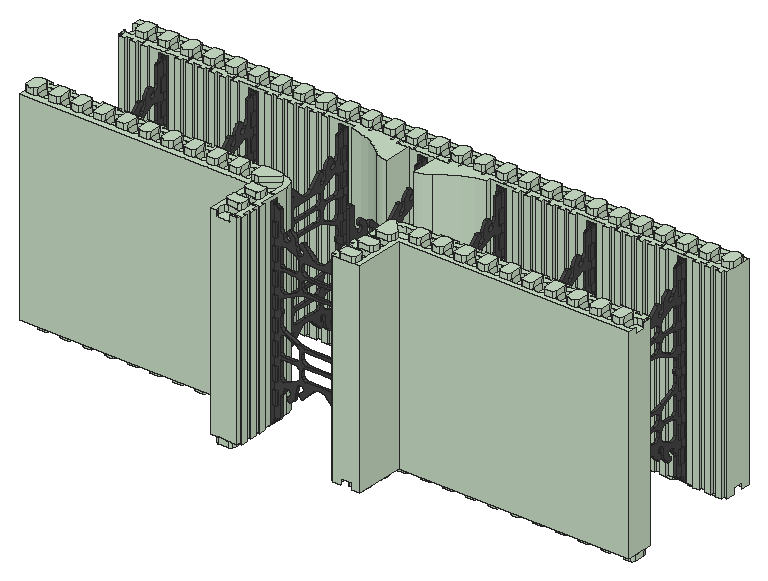
Revit family (continued)
Forms (in)
  Extrusion 45, solid, material "NUDURA Expanded Polystyrene Foam Insulation"
    sketch origin (2, -2, 0) x (1, 0, 0) y (0, 1, 0)
      loop
        line (6, -4.89806) -> (6, -3.9769)
    from 0 to -0.5
  Extrusion 46, void
    sketch origin (7.99998, -0.00002, 0) x (0, -1, 0) y (1, 0, 0)
      loop
        arc (-5.13595, -25.17306) -> (-5.1875, -25.49998) -> (-5.13595, -25.8269) r 1.0625
        arc (-5.13595, -25.8269) -> (-5.04517, -25.95213) -> (-4.89808, -25.99998) r 0.25
        line (-4.89808, -25.99998) -> (-3.97692, -25.99998)
        arc (-3.97692, -25.99998) -> (-3.88568, -25.98274) -> (-3.80702, -25.93338) r 0.25
        arc (-3.80702, -25.93338) -> (-3.78736, -25.92104) -> (-3.76455, -25.91673) r 0.0625
        line (-3.76455, -25.91673) -> (-3.41845, -25.91673) -> (-3.41845, -25.7459) -> (-3.64005, -25.7459)
        arc (-3.64005, -25.7459) -> (-3.68771, -25.72383) -> (-3.70172, -25.67321) r 0.0625
        arc (-3.70172, -25.67321) -> (-3.69045, -25.4209) -> (-3.73905, -25.17306) r 1.0625
        arc (-3.73905, -25.17306) -> (-3.82983, -25.04783) -> (-3.97692, -24.99998) r 0.25
        line (-3.97692, -24.99998) -> (-4.89808, -24.99998)
        arc (-4.89808, -24.99998) -> (-5.04517, -25.04783) -> (-5.13595, -25.17306) r 0.25
    from 18 to 17.5
  Extrusion 47, void
    sketch origin (9.99998, -0.00002, 0) x (0, -1, 0) y (1, 0, 0)
      loop
        arc (-5.13595, -25.17306) -> (-5.1875, -25.49998) -> (-5.13595, -25.8269) r 1.0625
        arc (-5.13595, -25.8269) -> (-5.04517, -25.95213) -> (-4.89808, -25.99998) r 0.25
        line (-4.89808, -25.99998) -> (-3.97692, -25.99998)
        arc (-3.97692, -25.99998) -> (-3.88568, -25.98274) -> (-3.80702, -25.93338) r 0.25
        arc (-3.80702, -25.93338) -> (-3.78736, -25.92104) -> (-3.76455, -25.91673) r 0.0625
        line (-3.76455, -25.91673) -> (-3.41845, -25.91673) -> (-3.41845, -25.7459) -> (-3.64005, -25.7459)
        arc (-3.64005, -25.7459) -> (-3.68771, -25.72383) -> (-3.70172, -25.67321) r 0.0625
        arc (-3.70172, -25.67321) -> (-3.69045, -25.4209) -> (-3.73905, -25.17306) r 1.0625
        arc (-3.73905, -25.17306) -> (-3.82983, -25.04783) -> (-3.97692, -24.99998) r 0.25
        line (-3.97692, -24.99998) -> (-4.89808, -24.99998)
        arc (-4.89808, -24.99998) -> (-5.04517, -25.04783) -> (-5.13595, -25.17306) r 0.25
    from 18 to 17.5
  Extrusion 48, void
    sketch origin (11.99998, -0.00002, 0) x (0, -1, 0) y (1, 0, 0)
      loop
        arc (-5.13595, -25.17306) -> (-5.1875, -25.49998) -> (-5.13595, -25.8269) r 1.0625
        arc (-5.13595, -25.8269) -> (-5.04517, -25.95213) -> (-4.89808, -25.99998) r 0.25
        line (-4.89808, -25.99998) -> (-3.97692, -25.99998)
        arc (-3.97692, -25.99998) -> (-3.88568, -25.98274) -> (-3.80702, -25.93338) r 0.25
        arc (-3.80702, -25.93338) -> (-3.78736, -25.92104) -> (-3.76455, -25.91673) r 0.0625
        line (-3.76455, -25.91673) -> (-3.41845, -25.91673) -> (-3.41845, -25.7459) -> (-3.64005, -25.7459)
        arc (-3.64005, -25.7459) -> (-3.68771, -25.72383) -> (-3.70172, -25.67321) r 0.0625
        arc (-3.70172, -25.67321) -> (-3.69045, -25.4209) -> (-3.73905, -25.17306) r 1.0625
        arc (-3.73905, -25.17306) -> (-3.82983, -25.04783) -> (-3.97692, -24.99998) r 0.25
        line (-3.97692, -24.99998) -> (-4.89808, -24.99998)
        arc (-4.89808, -24.99998) -> (-5.04517, -25.04783) -> (-5.13595, -25.17306) r 0.25
    from 18 to 17.5
  Extrusion 49, void
    sketch origin (13.99998, -0.00002, 0) x (0, -1, 0) y (1, 0, 0)
      loop
        arc (-5.13595, -25.17306) -> (-5.1875, -25.49998) -> (-5.13595, -25.8269) r 1.0625
        arc (-5.13595, -25.8269) -> (-5.04517, -25.95213) -> (-4.89808, -25.99998) r 0.25
        line (-4.89808, -25.99998) -> (-3.97692, -25.99998)
        arc (-3.97692, -25.99998) -> (-3.88568, -25.98274) -> (-3.80702, -25.93338) r 0.25
        arc (-3.80702, -25.93338) -> (-3.78736, -25.92104) -> (-3.76455, -25.91673) r 0.0625
        line (-3.76455, -25.91673) -> (-3.41845, -25.91673) -> (-3.41845, -25.7459) -> (-3.64005, -25.7459)
        arc (-3.64005, -25.7459) -> (-3.68771, -25.72383) -> (-3.70172, -25.67321) r 0.0625
        arc (-3.70172, -25.67321) -> (-3.69045, -25.4209) -> (-3.73905, -25.17306) r 1.0625
        arc (-3.73905, -25.17306) -> (-3.82983, -25.04783) -> (-3.97692, -24.99998) r 0.25
        line (-3.97692, -24.99998) -> (-4.89808, -24.99998)
        arc (-4.89808, -24.99998) -> (-5.04517, -25.04783) -> (-5.13595, -25.17306) r 0.25
    from 18 to 17.5
  Extrusion 50, void
    sketch origin (5.99998, -0.00002, 0) x (0, -1, 0) y (1, 0, 0)
      loop
        arc (-5.13595, -25.17306) -> (-5.1875, -25.49998) -> (-5.13595, -25.8269) r 1.0625
        arc (-5.13595, -25.8269) -> (-5.04517, -25.95213) -> (-4.89808, -25.99998) r 0.25
        line (-4.89808, -25.99998) -> (-3.97692, -25.99998)
        arc (-3.97692, -25.99998) -> (-3.88568, -25.98274) -> (-3.80702, -25.93338) r 0.25
        arc (-3.80702, -25.93338) -> (-3.78736, -25.92104) -> (-3.76455, -25.91673) r 0.0625
        line (-3.76455, -25.91673) -> (-3.41845, -25.91673) -> (-3.41845, -25.7459) -> (-3.64005, -25.7459)
        arc (-3.64005, -25.7459) -> (-3.68771, -25.72383) -> (-3.70172, -25.67321) r 0.0625
        arc (-3.70172, -25.67321) -> (-3.69045, -25.4209) -> (-3.73905, -25.17306) r 1.0625
        arc (-3.73905, -25.17306) -> (-3.82983, -25.04783) -> (-3.97692, -24.99998) r 0.25
        line (-3.97692, -24.99998) -> (-4.89808, -24.99998)
        arc (-4.89808, -24.99998) -> (-5.04517, -25.04783) -> (-5.13595, -25.17306) r 0.25
    from 18 to 17.5
  Extrusion 51, void
    sketch origin (-0.00002, -0.00002, 0) x (0, -1, 0) y (1, 0, 0)
      loop
        arc (-5.13595, -25.17306) -> (-5.1875, -25.49998) -> (-5.13595, -25.8269) r 1.0625
        arc (-5.13595, -25.8269) -> (-5.04517, -25.95213) -> (-4.89808, -25.99998) r 0.25
        line (-4.89808, -25.99998) -> (-3.97692, -25.99998)
        arc (-3.97692, -25.99998) -> (-3.88568, -25.98274) -> (-3.80702, -25.93338) r 0.25
        arc (-3.80702, -25.93338) -> (-3.78736, -25.92104) -> (-3.76455, -25.91673) r 0.0625
        line (-3.76455, -25.91673) -> (-3.41845, -25.91673) -> (-3.41845, -25.7459) -> (-3.64005, -25.7459)
        arc (-3.64005, -25.7459) -> (-3.68771, -25.72383) -> (-3.70172, -25.67321) r 0.0625
        arc (-3.70172, -25.67321) -> (-3.69045, -25.4209) -> (-3.73905, -25.17306) r 1.0625
        arc (-3.73905, -25.17306) -> (-3.82983, -25.04783) -> (-3.97692, -24.99998) r 0.25
        line (-3.97692, -24.99998) -> (-4.89808, -24.99998)
        arc (-4.89808, -24.99998) -> (-5.04517, -25.04783) -> (-5.13595, -25.17306) r 0.25
    from 18 to 17.5
  Extrusion 52, void
    sketch origin (1.99998, -0.00002, 0) x (0, -1, 0) y (1, 0, 0)
      loop
        arc (-5.13595, -25.17306) -> (-5.1875, -25.49998) -> (-5.13595, -25.8269) r 1.0625
        arc (-5.13595, -25.8269) -> (-5.04517, -25.95213) -> (-4.89808, -25.99998) r 0.25
        line (-4.89808, -25.99998) -> (-3.97692, -25.99998)
        arc (-3.97692, -25.99998) -> (-3.88568, -25.98274) -> (-3.80702, -25.93338) r 0.25
        arc (-3.80702, -25.93338) -> (-3.78736, -25.92104) -> (-3.76455, -25.91673) r 0.0625
        line (-3.76455, -25.91673) -> (-3.41845, -25.91673) -> (-3.41845, -25.7459) -> (-3.64005, -25.7459)
        arc (-3.64005, -25.7459) -> (-3.68771, -25.72383) -> (-3.70172, -25.67321) r 0.0625
        arc (-3.70172, -25.67321) -> (-3.69045, -25.4209) -> (-3.73905, -25.17306) r 1.0625
        arc (-3.73905, -25.17306) -> (-3.82983, -25.04783) -> (-3.97692, -24.99998) r 0.25
        line (-3.97692, -24.99998) -> (-4.89808, -24.99998)
        arc (-4.89808, -24.99998) -> (-5.04517, -25.04783) -> (-5.13595, -25.17306) r 0.25
    from 18 to 17.5
  Extrusion 53, void
    sketch origin (3.99998, -0.00002, 0) x (0, -1, 0) y (1, 0, 0)
      loop
        arc (-5.13595, -25.17306) -> (-5.1875, -25.49998) -> (-5.13595, -25.8269) r 1.0625
        arc (-5.13595, -25.8269) -> (-5.04517, -25.95213) -> (-4.89808, -25.99998) r 0.25
        line (-4.89808, -25.99998) -> (-3.97692, -25.99998)
        arc (-3.97692, -25.99998) -> (-3.88568, -25.98274) -> (-3.80702, -25.93338) r 0.25
        arc (-3.80702, -25.93338) -> (-3.78736, -25.92104) -> (-3.76455, -25.91673) r 0.0625
        line (-3.76455, -25.91673) -> (-3.41845, -25.91673) -> (-3.41845, -25.7459) -> (-3.64005, -25.7459)
        arc (-3.64005, -25.7459) -> (-3.68771, -25.72383) -> (-3.70172, -25.67321) r 0.0625
        arc (-3.70172, -25.67321) -> (-3.69045, -25.4209) -> (-3.73905, -25.17306) r 1.0625
        arc (-3.73905, -25.17306) -> (-3.82983, -25.04783) -> (-3.97692, -24.99998) r 0.25
        line (-3.97692, -24.99998) -> (-4.89808, -24.99998)
        arc (-4.89808, -24.99998) -> (-5.04517, -25.04783) -> (-5.13595, -25.17306) r 0.25
    from 18 to 17.5
  Extrusion 54, void
    sketch origin (-35.99998, -1.99998, 0) x (0, 1, 0) y (-1, 0, 0)
      loop
        arc (-5.13595, -25.17306) -> (-5.1875, -25.49998) -> (-5.13595, -25.8269) r 1.0625
        arc (-5.13595, -25.8269) -> (-5.04517, -25.95213) -> (-4.89808, -25.99998) r 0.25
        line (-4.89808, -25.99998) -> (-3.97692, -25.99998)
        arc (-3.97692, -25.99998) -> (-3.88568, -25.98274) -> (-3.80702, -25.93338) r 0.25
        arc (-3.80702, -25.93338) -> (-3.78736, -25.92104) -> (-3.76455, -25.91673) r 0.0625
        line (-3.76455, -25.91673) -> (-3.41845, -25.91673) -> (-3.41845, -25.7459) -> (-3.64005, -25.7459)
        arc (-3.64005, -25.7459) -> (-3.68771, -25.72383) -> (-3.70172, -25.67321) r 0.0625
        arc (-3.70172, -25.67321) -> (-3.69045, -25.4209) -> (-3.73905, -25.17306) r 1.0625
        arc (-3.73905, -25.17306) -> (-3.82983, -25.04783) -> (-3.97692, -24.99998) r 0.25
        line (-3.97692, -24.99998) -> (-4.89808, -24.99998)
        arc (-4.89808, -24.99998) -> (-5.04517, -25.04783) -> (-5.13595, -25.17306) r 0.25
    from 18 to 17.5
  Extrusion 55, void
    sketch origin (-37.99998, -1.99998, 0) x (0, 1, 0) y (-1, 0, 0)
      loop
        arc (-5.13595, -25.17306) -> (-5.1875, -25.49998) -> (-5.13595, -25.8269) r 1.0625
        arc (-5.13595, -25.8269) -> (-5.04517, -25.95213) -> (-4.89808, -25.99998) r 0.25
        line (-4.89808, -25.99998) -> (-3.97692, -25.99998)
        arc (-3.97692, -25.99998) -> (-3.88568, -25.98274) -> (-3.80702, -25.93338) r 0.25
        arc (-3.80702, -25.93338) -> (-3.78736, -25.92104) -> (-3.76455, -25.91673) r 0.0625
        line (-3.76455, -25.91673) -> (-3.41845, -25.91673) -> (-3.41845, -25.7459) -> (-3.64005, -25.7459)
        arc (-3.64005, -25.7459) -> (-3.68771, -25.72383) -> (-3.70172, -25.67321) r 0.0625
        arc (-3.70172, -25.67321) -> (-3.69045, -25.4209) -> (-3.73905, -25.17306) r 1.0625
        arc (-3.73905, -25.17306) -> (-3.82983, -25.04783) -> (-3.97692, -24.99998) r 0.25
        line (-3.97692, -24.99998) -> (-4.89808, -24.99998)
        arc (-4.89808, -24.99998) -> (-5.04517, -25.04783) -> (-5.13595, -25.17306) r 0.25
    from 18 to 17.5
  Extrusion 56, void
    sketch origin (-39.99998, -1.99998, 0) x (0, 1, 0) y (-1, 0, 0)
      loop
        arc (-5.13595, -25.17306) -> (-5.1875, -25.49998) -> (-5.13595, -25.8269) r 1.0625
        arc (-5.13595, -25.8269) -> (-5.04517, -25.95213) -> (-4.89808, -25.99998) r 0.25
        line (-4.89808, -25.99998) -> (-3.97692, -25.99998)
        arc (-3.97692, -25.99998) -> (-3.88568, -25.98274) -> (-3.80702, -25.93338) r 0.25
        arc (-3.80702, -25.93338) -> (-3.78736, -25.92104) -> (-3.76455, -25.91673) r 0.0625
        line (-3.76455, -25.91673) -> (-3.41845, -25.91673) -> (-3.41845, -25.7459) -> (-3.64005, -25.7459)
        arc (-3.64005, -25.7459) -> (-3.68771, -25.72383) -> (-3.70172, -25.67321) r 0.0625
        arc (-3.70172, -25.67321) -> (-3.69045, -25.4209) -> (-3.73905, -25.17306) r 1.0625
        arc (-3.73905, -25.17306) -> (-3.82983, -25.04783) -> (-3.97692, -24.99998) r 0.25
        line (-3.97692, -24.99998) -> (-4.89808, -24.99998)
        arc (-4.89808, -24.99998) -> (-5.04517, -25.04783) -> (-5.13595, -25.17306) r 0.25
    from 18 to 17.5
  Extrusion 57, void
    sketch origin (-41.99998, -1.99998, 0) x (0, 1, 0) y (-1, 0, 0)
      loop
        arc (-5.13595, -25.17306) -> (-5.1875, -25.49998) -> (-5.13595, -25.8269) r 1.0625
        arc (-5.13595, -25.8269) -> (-5.04517, -25.95213) -> (-4.89808, -25.99998) r 0.25
        line (-4.89808, -25.99998) -> (-3.97692, -25.99998)
        arc (-3.97692, -25.99998) -> (-3.88568, -25.98274) -> (-3.80702, -25.93338) r 0.25
        arc (-3.80702, -25.93338) -> (-3.78736, -25.92104) -> (-3.76455, -25.91673) r 0.0625
        line (-3.76455, -25.91673) -> (-3.41845, -25.91673) -> (-3.41845, -25.7459) -> (-3.64005, -25.7459)
        arc (-3.64005, -25.7459) -> (-3.68771, -25.72383) -> (-3.70172, -25.67321) r 0.0625
        arc (-3.70172, -25.67321) -> (-3.69045, -25.4209) -> (-3.73905, -25.17306) r 1.0625
        arc (-3.73905, -25.17306) -> (-3.82983, -25.04783) -> (-3.97692, -24.99998) r 0.25
        line (-3.97692, -24.99998) -> (-4.89808, -24.99998)
        arc (-4.89808, -24.99998) -> (-5.04517, -25.04783) -> (-5.13595, -25.17306) r 0.25
    from 18 to 17.5
  Extrusion 58, void
    sketch origin (-43.99998, -1.99998, 0) x (0, 1, 0) y (-1, 0, 0)
      loop
        arc (-5.13595, -25.17306) -> (-5.1875, -25.49998) -> (-5.13595, -25.8269) r 1.0625
        arc (-5.13595, -25.8269) -> (-5.04517, -25.95213) -> (-4.89808, -25.99998) r 0.25
        line (-4.89808, -25.99998) -> (-3.97692, -25.99998)
        arc (-3.97692, -25.99998) -> (-3.88568, -25.98274) -> (-3.80702, -25.93338) r 0.25
        arc (-3.80702, -25.93338) -> (-3.78736, -25.92104) -> (-3.76455, -25.91673) r 0.0625
        line (-3.76455, -25.91673) -> (-3.41845, -25.91673) -> (-3.41845, -25.7459) -> (-3.64005, -25.7459)
        arc (-3.64005, -25.7459) -> (-3.68771, -25.72383) -> (-3.70172, -25.67321) r 0.0625
        arc (-3.70172, -25.67321) -> (-3.69045, -25.4209) -> (-3.73905, -25.17306) r 1.0625
        arc (-3.73905, -25.17306) -> (-3.82983, -25.04783) -> (-3.97692, -24.99998) r 0.25
        line (-3.97692, -24.99998) -> (-4.89808, -24.99998)
        arc (-4.89808, -24.99998) -> (-5.04517, -25.04783) -> (-5.13595, -25.17306) r 0.25
    from 18 to 17.5
  Extrusion 59, void
    sketch origin (-45.99998, -1.99998, 0) x (0, 1, 0) y (-1, 0, 0)
      loop
        arc (-5.13595, -25.17306) -> (-5.1875, -25.49998) -> (-5.13595, -25.8269) r 1.0625
        arc (-5.13595, -25.8269) -> (-5.04517, -25.95213) -> (-4.89808, -25.99998) r 0.25
        line (-4.89808, -25.99998) -> (-3.97692, -25.99998)
        arc (-3.97692, -25.99998) -> (-3.88568, -25.98274) -> (-3.80702, -25.93338) r 0.25
        arc (-3.80702, -25.93338) -> (-3.78736, -25.92104) -> (-3.76455, -25.91673) r 0.0625
        line (-3.76455, -25.91673) -> (-3.41845, -25.91673) -> (-3.41845, -25.7459) -> (-3.64005, -25.7459)
        arc (-3.64005, -25.7459) -> (-3.68771, -25.72383) -> (-3.70172, -25.67321) r 0.0625
        arc (-3.70172, -25.67321) -> (-3.69045, -25.4209) -> (-3.73905, -25.17306) r 1.0625
        arc (-3.73905, -25.17306) -> (-3.82983, -25.04783) -> (-3.97692, -24.99998) r 0.25
        line (-3.97692, -24.99998) -> (-4.89808, -24.99998)
        arc (-4.89808, -24.99998) -> (-5.04517, -25.04783) -> (-5.13595, -25.17306) r 0.25
    from 18 to 17.5
  Extrusion 60, void
    sketch origin (-47.99998, -1.99998, 0) x (0, 1, 0) y (-1, 0, 0)
      loop
        arc (-5.13595, -25.17306) -> (-5.1875, -25.49998) -> (-5.13595, -25.8269) r 1.0625
        arc (-5.13595, -25.8269) -> (-5.04517, -25.95213) -> (-4.89808, -25.99998) r 0.25
        line (-4.89808, -25.99998) -> (-3.97692, -25.99998)
        arc (-3.97692, -25.99998) -> (-3.88568, -25.98274) -> (-3.80702, -25.93338) r 0.25
        arc (-3.80702, -25.93338) -> (-3.78736, -25.92104) -> (-3.76455, -25.91673) r 0.0625
        line (-3.76455, -25.91673) -> (-3.41845, -25.91673) -> (-3.41845, -25.7459) -> (-3.64005, -25.7459)
        arc (-3.64005, -25.7459) -> (-3.68771, -25.72383) -> (-3.70172, -25.67321) r 0.0625
        arc (-3.70172, -25.67321) -> (-3.69045, -25.4209) -> (-3.73905, -25.17306) r 1.0625
        arc (-3.73905, -25.17306) -> (-3.82983, -25.04783) -> (-3.97692, -24.99998) r 0.25
        line (-3.97692, -24.99998) -> (-4.89808, -24.99998)
        arc (-4.89808, -24.99998) -> (-5.04517, -25.04783) -> (-5.13595, -25.17306) r 0.25
    from 18 to 17.5
  Extrusion 61, void
    sketch origin (-49.99998, -1.99998, 0) x (0, 1, 0) y (-1, 0, 0)
      loop
        arc (-5.13595, -25.17306) -> (-5.1875, -25.49998) -> (-5.13595, -25.8269) r 1.0625
        arc (-5.13595, -25.8269) -> (-5.04517, -25.95213) -> (-4.89808, -25.99998) r 0.25
        line (-4.89808, -25.99998) -> (-3.97692, -25.99998)
        arc (-3.97692, -25.99998) -> (-3.88568, -25.98274) -> (-3.80702, -25.93338) r 0.25
        arc (-3.80702, -25.93338) -> (-3.78736, -25.92104) -> (-3.76455, -25.91673) r 0.0625
        line (-3.76455, -25.91673) -> (-3.41845, -25.91673) -> (-3.41845, -25.7459) -> (-3.64005, -25.7459)
        arc (-3.64005, -25.7459) -> (-3.68771, -25.72383) -> (-3.70172, -25.67321) r 0.0625
        arc (-3.70172, -25.67321) -> (-3.69045, -25.4209) -> (-3.73905, -25.17306) r 1.0625
        arc (-3.73905, -25.17306) -> (-3.82983, -25.04783) -> (-3.97692, -24.99998) r 0.25
        line (-3.97692, -24.99998) -> (-4.89808, -24.99998)
        arc (-4.89808, -24.99998) -> (-5.04517, -25.04783) -> (-5.13595, -25.17306) r 0.25
    from 18 to 17.5
  Extrusion 62, void
    sketch origin (-11.99998, -1.99998, 0) x (0, 1, 0) y (-1, 0, 0)
      loop
        arc (-5.13595, -25.17306) -> (-5.1875, -25.49998) -> (-5.13595, -25.8269) r 1.0625
        arc (-5.13595, -25.8269) -> (-5.04517, -25.95213) -> (-4.89808, -25.99998) r 0.25
        line (-4.89808, -25.99998) -> (-3.97692, -25.99998)
        arc (-3.97692, -25.99998) -> (-3.88568, -25.98274) -> (-3.80702, -25.93338) r 0.25
        arc (-3.80702, -25.93338) -> (-3.78736, -25.92104) -> (-3.76455, -25.91673) r 0.0625
        line (-3.76455, -25.91673) -> (-3.41845, -25.91673) -> (-3.41845, -25.7459) -> (-3.64005, -25.7459)
        arc (-3.64005, -25.7459) -> (-3.68771, -25.72383) -> (-3.70172, -25.67321) r 0.0625
        arc (-3.70172, -25.67321) -> (-3.69045, -25.4209) -> (-3.73905, -25.17306) r 1.0625
        arc (-3.73905, -25.17306) -> (-3.82983, -25.04783) -> (-3.97692, -24.99998) r 0.25
        line (-3.97692, -24.99998) -> (-4.89808, -24.99998)
        arc (-4.89808, -24.99998) -> (-5.04517, -25.04783) -> (-5.13595, -25.17306) r 0.25
    from 18 to 17.5
  Extrusion 63, void
    sketch origin (-9.99998, -1.99998, 0) x (0, 1, 0) y (-1, 0, 0)
      loop
        arc (-5.13595, -25.17306) -> (-5.1875, -25.49998) -> (-5.13595, -25.8269) r 1.0625
        arc (-5.13595, -25.8269) -> (-5.04517, -25.95213) -> (-4.89808, -25.99998) r 0.25
        line (-4.89808, -25.99998) -> (-3.97692, -25.99998)
        arc (-3.97692, -25.99998) -> (-3.88568, -25.98274) -> (-3.80702, -25.93338) r 0.25
        arc (-3.80702, -25.93338) -> (-3.78736, -25.92104) -> (-3.76455, -25.91673) r 0.0625
        line (-3.76455, -25.91673) -> (-3.41845, -25.91673) -> (-3.41845, -25.7459) -> (-3.64005, -25.7459)
        arc (-3.64005, -25.7459) -> (-3.68771, -25.72383) -> (-3.70172, -25.67321) r 0.0625
        arc (-3.70172, -25.67321) -> (-3.69045, -25.4209) -> (-3.73905, -25.17306) r 1.0625
        arc (-3.73905, -25.17306) -> (-3.82983, -25.04783) -> (-3.97692, -24.99998) r 0.25
        line (-3.97692, -24.99998) -> (-4.89808, -24.99998)
        arc (-4.89808, -24.99998) -> (-5.04517, -25.04783) -> (-5.13595, -25.17306) r 0.25
    from 18 to 17.5
  Extrusion 64, void
    sketch origin (-7.99998, -1.99998, 0) x (0, 1, 0) y (-1, 0, 0)
      loop
        arc (-5.13595, -25.17306) -> (-5.1875, -25.49998) -> (-5.13595, -25.8269) r 1.0625
        arc (-5.13595, -25.8269) -> (-5.04517, -25.95213) -> (-4.89808, -25.99998) r 0.25
        line (-4.89808, -25.99998) -> (-3.97692, -25.99998)
        arc (-3.97692, -25.99998) -> (-3.88568, -25.98274) -> (-3.80702, -25.93338) r 0.25
        arc (-3.80702, -25.93338) -> (-3.78736, -25.92104) -> (-3.76455, -25.91673) r 0.0625
        line (-3.76455, -25.91673) -> (-3.41845, -25.91673) -> (-3.41845, -25.7459) -> (-3.64005, -25.7459)
        arc (-3.64005, -25.7459) -> (-3.68771, -25.72383) -> (-3.70172, -25.67321) r 0.0625
        arc (-3.70172, -25.67321) -> (-3.69045, -25.4209) -> (-3.73905, -25.17306) r 1.0625
        arc (-3.73905, -25.17306) -> (-3.82983, -25.04783) -> (-3.97692, -24.99998) r 0.25
        line (-3.97692, -24.99998) -> (-4.89808, -24.99998)
        arc (-4.89808, -24.99998) -> (-5.04517, -25.04783) -> (-5.13595, -25.17306) r 0.25
    from 18 to 17.5
  Extrusion 65, void
    sketch origin (-5.99998, -1.99998, 0) x (0, 1, 0) y (-1, 0, 0)
      loop
        arc (-5.13595, -25.17306) -> (-5.1875, -25.49998) -> (-5.13595, -25.8269) r 1.0625
        arc (-5.13595, -25.8269) -> (-5.04517, -25.95213) -> (-4.89808, -25.99998) r 0.25
        line (-4.89808, -25.99998) -> (-3.97692, -25.99998)
        arc (-3.97692, -25.99998) -> (-3.88568, -25.98274) -> (-3.80702, -25.93338) r 0.25
        arc (-3.80702, -25.93338) -> (-3.78736, -25.92104) -> (-3.76455, -25.91673) r 0.0625
        line (-3.76455, -25.91673) -> (-3.41845, -25.91673) -> (-3.41845, -25.7459) -> (-3.64005, -25.7459)
        arc (-3.64005, -25.7459) -> (-3.68771, -25.72383) -> (-3.70172, -25.67321) r 0.0625
        arc (-3.70172, -25.67321) -> (-3.69045, -25.4209) -> (-3.73905, -25.17306) r 1.0625
        arc (-3.73905, -25.17306) -> (-3.82983, -25.04783) -> (-3.97692, -24.99998) r 0.25
        line (-3.97692, -24.99998) -> (-4.89808, -24.99998)
        arc (-4.89808, -24.99998) -> (-5.04517, -25.04783) -> (-5.13595, -25.17306) r 0.25
    from 18 to 17.5
  Extrusion 66, void
    sketch origin (-3.99998, -1.99998, 0) x (0, 1, 0) y (-1, 0, 0)
      loop
        arc (-5.13595, -25.17306) -> (-5.1875, -25.49998) -> (-5.13595, -25.8269) r 1.0625
        arc (-5.13595, -25.8269) -> (-5.04517, -25.95213) -> (-4.89808, -25.99998) r 0.25
        line (-4.89808, -25.99998) -> (-3.97692, -25.99998)
        arc (-3.97692, -25.99998) -> (-3.88568, -25.98274) -> (-3.80702, -25.93338) r 0.25
        arc (-3.80702, -25.93338) -> (-3.78736, -25.92104) -> (-3.76455, -25.91673) r 0.0625
        line (-3.76455, -25.91673) -> (-3.41845, -25.91673) -> (-3.41845, -25.7459) -> (-3.64005, -25.7459)
        arc (-3.64005, -25.7459) -> (-3.68771, -25.72383) -> (-3.70172, -25.67321) r 0.0625
        arc (-3.70172, -25.67321) -> (-3.69045, -25.4209) -> (-3.73905, -25.17306) r 1.0625
        arc (-3.73905, -25.17306) -> (-3.82983, -25.04783) -> (-3.97692, -24.99998) r 0.25
        line (-3.97692, -24.99998) -> (-4.89808, -24.99998)
        arc (-4.89808, -24.99998) -> (-5.04517, -25.04783) -> (-5.13595, -25.17306) r 0.25
    from 18 to 17.5
  Extrusion 67, void
    sketch origin (-1.99998, -1.99998, 0) x (0, 1, 0) y (-1, 0, 0)
      loop
        arc (-5.13595, -25.17306) -> (-5.1875, -25.49998) -> (-5.13595, -25.8269) r 1.0625
        arc (-5.13595, -25.8269) -> (-5.04517, -25.95213) -> (-4.89808, -25.99998) r 0.25
        line (-4.89808, -25.99998) -> (-3.97692, -25.99998)
        arc (-3.97692, -25.99998) -> (-3.88568, -25.98274) -> (-3.80702, -25.93338) r 0.25
        arc (-3.80702, -25.93338) -> (-3.78736, -25.92104) -> (-3.76455, -25.91673) r 0.0625
        line (-3.76455, -25.91673) -> (-3.41845, -25.91673) -> (-3.41845, -25.7459) -> (-3.64005, -25.7459)
        arc (-3.64005, -25.7459) -> (-3.68771, -25.72383) -> (-3.70172, -25.67321) r 0.0625
        arc (-3.70172, -25.67321) -> (-3.69045, -25.4209) -> (-3.73905, -25.17306) r 1.0625
        arc (-3.73905, -25.17306) -> (-3.82983, -25.04783) -> (-3.97692, -24.99998) r 0.25
        line (-3.97692, -24.99998) -> (-4.89808, -24.99998)
        arc (-4.89808, -24.99998) -> (-5.04517, -25.04783) -> (-5.13595, -25.17306) r 0.25
    from 18 to 17.5
  Extrusion 68, void
    sketch origin (0.00002, -1.99998, 0) x (0, 1, 0) y (-1, 0, 0)
      loop
        arc (-5.13595, -25.17306) -> (-5.1875, -25.49998) -> (-5.13595, -25.8269) r 1.0625
        arc (-5.13595, -25.8269) -> (-5.04517, -25.95213) -> (-4.89808, -25.99998) r 0.25
        line (-4.89808, -25.99998) -> (-3.97692, -25.99998)
        arc (-3.97692, -25.99998) -> (-3.88568, -25.98274) -> (-3.80702, -25.93338) r 0.25
        arc (-3.80702, -25.93338) -> (-3.78736, -25.92104) -> (-3.76455, -25.91673) r 0.0625
        line (-3.76455, -25.91673) -> (-3.41845, -25.91673) -> (-3.41845, -25.7459) -> (-3.64005, -25.7459)
        arc (-3.64005, -25.7459) -> (-3.68771, -25.72383) -> (-3.70172, -25.67321) r 0.0625
        arc (-3.70172, -25.67321) -> (-3.69045, -25.4209) -> (-3.73905, -25.17306) r 1.0625
        arc (-3.73905, -25.17306) -> (-3.82983, -25.04783) -> (-3.97692, -24.99998) r 0.25
        line (-3.97692, -24.99998) -> (-4.89808, -24.99998)
        arc (-4.89808, -24.99998) -> (-5.04517, -25.04783) -> (-5.13595, -25.17306) r 0.25
    from 18 to 17.5
  Extrusion 69, void
    sketch origin (2.00002, -1.99998, 0) x (0, 1, 0) y (-1, 0, 0)
      loop
        arc (-5.13595, -25.17306) -> (-5.1875, -25.49998) -> (-5.13595, -25.8269) r 1.0625
        arc (-5.13595, -25.8269) -> (-5.04517, -25.95213) -> (-4.89808, -25.99998) r 0.25
        line (-4.89808, -25.99998) -> (-3.97692, -25.99998)
        arc (-3.97692, -25.99998) -> (-3.88568, -25.98274) -> (-3.80702, -25.93338) r 0.25
        arc (-3.80702, -25.93338) -> (-3.78736, -25.92104) -> (-3.76455, -25.91673) r 0.0625
        line (-3.76455, -25.91673) -> (-3.41845, -25.91673) -> (-3.41845, -25.7459) -> (-3.64005, -25.7459)
        arc (-3.64005, -25.7459) -> (-3.68771, -25.72383) -> (-3.70172, -25.67321) r 0.0625
        arc (-3.70172, -25.67321) -> (-3.69045, -25.4209) -> (-3.73905, -25.17306) r 1.0625
        arc (-3.73905, -25.17306) -> (-3.82983, -25.04783) -> (-3.97692, -24.99998) r 0.25
        line (-3.97692, -24.99998) -> (-4.89808, -24.99998)
        arc (-4.89808, -24.99998) -> (-5.04517, -25.04783) -> (-5.13595, -25.17306) r 0.25
    from 18 to 17.5
  Extrusion 70, void
    sketch origin (37.99998, -0.00002, 0) x (0, -1, 0) y (1, 0, 0)
      loop
        arc (-5.13595, -25.17306) -> (-5.1875, -25.49998) -> (-5.13595, -25.8269) r 1.0625
        arc (-5.13595, -25.8269) -> (-5.04517, -25.95213) -> (-4.89808, -25.99998) r 0.25
        line (-4.89808, -25.99998) -> (-3.97692, -25.99998)
        arc (-3.97692, -25.99998) -> (-3.88568, -25.98274) -> (-3.80702, -25.93338) r 0.25
        arc (-3.80702, -25.93338) -> (-3.78736, -25.92104) -> (-3.76455, -25.91673) r 0.0625
        line (-3.76455, -25.91673) -> (-3.41845, -25.91673) -> (-3.41845, -25.7459) -> (-3.64005, -25.7459)
        arc (-3.64005, -25.7459) -> (-3.68771, -25.72383) -> (-3.70172, -25.67321) r 0.0625
        arc (-3.70172, -25.67321) -> (-3.69045, -25.4209) -> (-3.73905, -25.17306) r 1.0625
        arc (-3.73905, -25.17306) -> (-3.82983, -25.04783) -> (-3.97692, -24.99998) r 0.25
        line (-3.97692, -24.99998) -> (-4.89808, -24.99998)
        arc (-4.89808, -24.99998) -> (-5.04517, -25.04783) -> (-5.13595, -25.17306) r 0.25
    from 18 to 17.5
  Extrusion 71, void
    sketch origin (39.99998, -0.00002, 0) x (0, -1, 0) y (1, 0, 0)
      loop
        arc (-5.13595, -25.17306) -> (-5.1875, -25.49998) -> (-5.13595, -25.8269) r 1.0625
        arc (-5.13595, -25.8269) -> (-5.04517, -25.95213) -> (-4.89808, -25.99998) r 0.25
        line (-4.89808, -25.99998) -> (-3.97692, -25.99998)
        arc (-3.97692, -25.99998) -> (-3.88568, -25.98274) -> (-3.80702, -25.93338) r 0.25
        arc (-3.80702, -25.93338) -> (-3.78736, -25.92104) -> (-3.76455, -25.91673) r 0.0625
        line (-3.76455, -25.91673) -> (-3.41845, -25.91673) -> (-3.41845, -25.7459) -> (-3.64005, -25.7459)
        arc (-3.64005, -25.7459) -> (-3.68771, -25.72383) -> (-3.70172, -25.67321) r 0.0625
        arc (-3.70172, -25.67321) -> (-3.69045, -25.4209) -> (-3.73905, -25.17306) r 1.0625
        arc (-3.73905, -25.17306) -> (-3.82983, -25.04783) -> (-3.97692, -24.99998) r 0.25
        line (-3.97692, -24.99998) -> (-4.89808, -24.99998)
        arc (-4.89808, -24.99998) -> (-5.04517, -25.04783) -> (-5.13595, -25.17306) r 0.25
    from 18 to 17.5
  Extrusion 72, void
    sketch origin (41.99998, -0.00002, 0) x (0, -1, 0) y (1, 0, 0)
      loop
        arc (-5.13595, -25.17306) -> (-5.1875, -25.49998) -> (-5.13595, -25.8269) r 1.0625
        arc (-5.13595, -25.8269) -> (-5.04517, -25.95213) -> (-4.89808, -25.99998) r 0.25
        line (-4.89808, -25.99998) -> (-3.97692, -25.99998)
        arc (-3.97692, -25.99998) -> (-3.88568, -25.98274) -> (-3.80702, -25.93338) r 0.25
        arc (-3.80702, -25.93338) -> (-3.78736, -25.92104) -> (-3.76455, -25.91673) r 0.0625
        line (-3.76455, -25.91673) -> (-3.41845, -25.91673) -> (-3.41845, -25.7459) -> (-3.64005, -25.7459)
        arc (-3.64005, -25.7459) -> (-3.68771, -25.72383) -> (-3.70172, -25.67321) r 0.0625
        arc (-3.70172, -25.67321) -> (-3.69045, -25.4209) -> (-3.73905, -25.17306) r 1.0625
        arc (-3.73905, -25.17306) -> (-3.82983, -25.04783) -> (-3.97692, -24.99998) r 0.25
        line (-3.97692, -24.99998) -> (-4.89808, -24.99998)
        arc (-4.89808, -24.99998) -> (-5.04517, -25.04783) -> (-5.13595, -25.17306) r 0.25
    from 18 to 17.5
  Extrusion 73, void
    sketch origin (43.99998, -0.00002, 0) x (0, -1, 0) y (1, 0, 0)
      loop
        arc (-5.13595, -25.17306) -> (-5.1875, -25.49998) -> (-5.13595, -25.8269) r 1.0625
        arc (-5.13595, -25.8269) -> (-5.04517, -25.95213) -> (-4.89808, -25.99998) r 0.25
        line (-4.89808, -25.99998) -> (-3.97692, -25.99998)
        arc (-3.97692, -25.99998) -> (-3.88568, -25.98274) -> (-3.80702, -25.93338) r 0.25
        arc (-3.80702, -25.93338) -> (-3.78736, -25.92104) -> (-3.76455, -25.91673) r 0.0625
        line (-3.76455, -25.91673) -> (-3.41845, -25.91673) -> (-3.41845, -25.7459) -> (-3.64005, -25.7459)
        arc (-3.64005, -25.7459) -> (-3.68771, -25.72383) -> (-3.70172, -25.67321) r 0.0625
        arc (-3.70172, -25.67321) -> (-3.69045, -25.4209) -> (-3.73905, -25.17306) r 1.0625
        arc (-3.73905, -25.17306) -> (-3.82983, -25.04783) -> (-3.97692, -24.99998) r 0.25
        line (-3.97692, -24.99998) -> (-4.89808, -24.99998)
        arc (-4.89808, -24.99998) -> (-5.04517, -25.04783) -> (-5.13595, -25.17306) r 0.25
    from 18 to 17.5
  Extrusion 74, void
    sketch origin (45.99998, -0.00002, 0) x (0, -1, 0) y (1, 0, 0)
      loop
        arc (-5.13595, -25.17306) -> (-5.1875, -25.49998) -> (-5.13595, -25.8269) r 1.0625
        arc (-5.13595, -25.8269) -> (-5.04517, -25.95213) -> (-4.89808, -25.99998) r 0.25
        line (-4.89808, -25.99998) -> (-3.97692, -25.99998)
        arc (-3.97692, -25.99998) -> (-3.88568, -25.98274) -> (-3.80702, -25.93338) r 0.25
        arc (-3.80702, -25.93338) -> (-3.78736, -25.92104) -> (-3.76455, -25.91673) r 0.0625
        line (-3.76455, -25.91673) -> (-3.41845, -25.91673) -> (-3.41845, -25.7459) -> (-3.64005, -25.7459)
        arc (-3.64005, -25.7459) -> (-3.68771, -25.72383) -> (-3.70172, -25.67321) r 0.0625
        arc (-3.70172, -25.67321) -> (-3.69045, -25.4209) -> (-3.73905, -25.17306) r 1.0625
        arc (-3.73905, -25.17306) -> (-3.82983, -25.04783) -> (-3.97692, -24.99998) r 0.25
        line (-3.97692, -24.99998) -> (-4.89808, -24.99998)
        arc (-4.89808, -24.99998) -> (-5.04517, -25.04783) -> (-5.13595, -25.17306) r 0.25
    from 18 to 17.5
  Extrusion 75, void
    sketch origin (47.99998, -0.00002, 0) x (0, -1, 0) y (1, 0, 0)
      loop
        arc (-5.13595, -25.17306) -> (-5.1875, -25.49998) -> (-5.13595, -25.8269) r 1.0625
        arc (-5.13595, -25.8269) -> (-5.04517, -25.95213) -> (-4.89808, -25.99998) r 0.25
        line (-4.89808, -25.99998) -> (-3.97692, -25.99998)
        arc (-3.97692, -25.99998) -> (-3.88568, -25.98274) -> (-3.80702, -25.93338) r 0.25
        arc (-3.80702, -25.93338) -> (-3.78736, -25.92104) -> (-3.76455, -25.91673) r 0.0625
        line (-3.76455, -25.91673) -> (-3.41845, -25.91673) -> (-3.41845, -25.7459) -> (-3.64005, -25.7459)
        arc (-3.64005, -25.7459) -> (-3.68771, -25.72383) -> (-3.70172, -25.67321) r 0.0625
        arc (-3.70172, -25.67321) -> (-3.69045, -25.4209) -> (-3.73905, -25.17306) r 1.0625
        arc (-3.73905, -25.17306) -> (-3.82983, -25.04783) -> (-3.97692, -24.99998) r 0.25
        line (-3.97692, -24.99998) -> (-4.89808, -24.99998)
        arc (-4.89808, -24.99998) -> (-5.04517, -25.04783) -> (-5.13595, -25.17306) r 0.25
    from 18 to 17.5
  Extrusion 76, void
    sketch origin (49.99998, -0.00002, 0) x (0, -1, 0) y (1, 0, 0)
      loop
        arc (-5.13595, -25.17306) -> (-5.1875, -25.49998) -> (-5.13595, -25.8269) r 1.0625
        arc (-5.13595, -25.8269) -> (-5.04517, -25.95213) -> (-4.89808, -25.99998) r 0.25
        line (-4.89808, -25.99998) -> (-3.97692, -25.99998)
        arc (-3.97692, -25.99998) -> (-3.88568, -25.98274) -> (-3.80702, -25.93338) r 0.25
        arc (-3.80702, -25.93338) -> (-3.78736, -25.92104) -> (-3.76455, -25.91673) r 0.0625
        line (-3.76455, -25.91673) -> (-3.41845, -25.91673) -> (-3.41845, -25.7459) -> (-3.64005, -25.7459)
        arc (-3.64005, -25.7459) -> (-3.68771, -25.72383) -> (-3.70172, -25.67321) r 0.0625
        arc (-3.70172, -25.67321) -> (-3.69045, -25.4209) -> (-3.73905, -25.17306) r 1.0625
        arc (-3.73905, -25.17306) -> (-3.82983, -25.04783) -> (-3.97692, -24.99998) r 0.25
        line (-3.97692, -24.99998) -> (-4.89808, -24.99998)
        arc (-4.89808, -24.99998) -> (-5.04517, -25.04783) -> (-5.13595, -25.17306) r 0.25
    from 18 to 17.5
  Extrusion 77, void
    sketch origin (35.99998, -0.00002, 0) x (0, -1, 0) y (1, 0, 0)
      loop
        arc (-5.13595, -25.17306) -> (-5.1875, -25.49998) -> (-5.13595, -25.8269) r 1.0625
        arc (-5.13595, -25.8269) -> (-5.04517, -25.95213) -> (-4.89808, -25.99998) r 0.25
        line (-4.89808, -25.99998) -> (-3.97692, -25.99998)
        arc (-3.97692, -25.99998) -> (-3.88568, -25.98274) -> (-3.80702, -25.93338) r 0.25
        arc (-3.80702, -25.93338) -> (-3.78736, -25.92104) -> (-3.76455, -25.91673) r 0.0625
        line (-3.76455, -25.91673) -> (-3.41845, -25.91673) -> (-3.41845, -25.7459) -> (-3.64005, -25.7459)
        arc (-3.64005, -25.7459) -> (-3.68771, -25.72383) -> (-3.70172, -25.67321) r 0.0625
        arc (-3.70172, -25.67321) -> (-3.69045, -25.4209) -> (-3.73905, -25.17306) r 1.0625
        arc (-3.73905, -25.17306) -> (-3.82983, -25.04783) -> (-3.97692, -24.99998) r 0.25
        line (-3.97692, -24.99998) -> (-4.89808, -24.99998)
        arc (-4.89808, -24.99998) -> (-5.04517, -25.04783) -> (-5.13595, -25.17306) r 0.25
    from 18 to 17.5
  Extrusion 78, void
    sketch origin (13.99998, -1.99998, 0) x (0, 1, 0) y (-1, 0, 0)
      loop
        arc (-5.13595, 25.17306) -> (-5.04517, 25.04783) -> (-4.89808, 24.99998) r 0.25
        line (-4.89808, 24.99998) -> (-3.97692, 24.99998)
        arc (-3.97692, 24.99998) -> (-3.82983, 25.04783) -> (-3.73905, 25.17306) r 0.25
        arc (-3.73905, 25.17306) -> (-3.69045, 25.4209) -> (-3.70172, 25.67321) r 1.0625
        arc (-3.70172, 25.67321) -> (-3.68771, 25.72383) -> (-3.64005, 25.7459) r 0.0625
        line (-3.64005, 25.7459) -> (-3.41845, 25.7459) -> (-3.41845, 25.91673) -> (-3.76455, 25.91673)
        arc (-3.76455, 25.91673) -> (-3.78736, 25.92104) -> (-3.80702, 25.93338) r 0.0625
        arc (-3.80702, 25.93338) -> (-3.88568, 25.98274) -> (-3.97692, 25.99998) r 0.25
        line (-3.97692, 25.99998) -> (-4.89808, 25.99998)
        arc (-4.89808, 25.99998) -> (-5.04517, 25.95213) -> (-5.13595, 25.8269) r 0.25
        arc (-5.13595, 25.8269) -> (-5.1875, 25.49998) -> (-5.13595, 25.17306) r 1.0625
    from 0 to 0.5
  Extrusion 79, void
    sketch origin (11.99998, -1.99998, 0) x (0, 1, 0) y (-1, 0, 0)
      loop
        arc (-5.13595, 25.17306) -> (-5.04517, 25.04783) -> (-4.89808, 24.99998) r 0.25
        line (-4.89808, 24.99998) -> (-3.97692, 24.99998)
        arc (-3.97692, 24.99998) -> (-3.82983, 25.04783) -> (-3.73905, 25.17306) r 0.25
        arc (-3.73905, 25.17306) -> (-3.69045, 25.4209) -> (-3.70172, 25.67321) r 1.0625
        arc (-3.70172, 25.67321) -> (-3.68771, 25.72383) -> (-3.64005, 25.7459) r 0.0625
        line (-3.64005, 25.7459) -> (-3.41845, 25.7459) -> (-3.41845, 25.91673) -> (-3.76455, 25.91673)
        arc (-3.76455, 25.91673) -> (-3.78736, 25.92104) -> (-3.80702, 25.93338) r 0.0625
        arc (-3.80702, 25.93338) -> (-3.88568, 25.98274) -> (-3.97692, 25.99998) r 0.25
        line (-3.97692, 25.99998) -> (-4.89808, 25.99998)
        arc (-4.89808, 25.99998) -> (-5.04517, 25.95213) -> (-5.13595, 25.8269) r 0.25
        arc (-5.13595, 25.8269) -> (-5.1875, 25.49998) -> (-5.13595, 25.17306) r 1.0625
    from 0 to 0.5
  Extrusion 80, void
    sketch origin (9.99998, -1.99998, 0) x (0, 1, 0) y (-1, 0, 0)
      loop
        arc (-5.13595, 25.17306) -> (-5.04517, 25.04783) -> (-4.89808, 24.99998) r 0.25
        line (-4.89808, 24.99998) -> (-3.97692, 24.99998)
        arc (-3.97692, 24.99998) -> (-3.82983, 25.04783) -> (-3.73905, 25.17306) r 0.25
        arc (-3.73905, 25.17306) -> (-3.69045, 25.4209) -> (-3.70172, 25.67321) r 1.0625
        arc (-3.70172, 25.67321) -> (-3.68771, 25.72383) -> (-3.64005, 25.7459) r 0.0625
        line (-3.64005, 25.7459) -> (-3.41845, 25.7459) -> (-3.41845, 25.91673) -> (-3.76455, 25.91673)
        arc (-3.76455, 25.91673) -> (-3.78736, 25.92104) -> (-3.80702, 25.93338) r 0.0625
        arc (-3.80702, 25.93338) -> (-3.88568, 25.98274) -> (-3.97692, 25.99998) r 0.25
        line (-3.97692, 25.99998) -> (-4.89808, 25.99998)
        arc (-4.89808, 25.99998) -> (-5.04517, 25.95213) -> (-5.13595, 25.8269) r 0.25
        arc (-5.13595, 25.8269) -> (-5.1875, 25.49998) -> (-5.13595, 25.17306) r 1.0625
    from 0 to 0.5
  Extrusion 81, void
    sketch origin (7.99998, -1.99998, 0) x (0, 1, 0) y (-1, 0, 0)
      loop
        arc (-5.13595, 25.17306) -> (-5.04517, 25.04783) -> (-4.89808, 24.99998) r 0.25
        line (-4.89808, 24.99998) -> (-3.97692, 24.99998)
        arc (-3.97692, 24.99998) -> (-3.82983, 25.04783) -> (-3.73905, 25.17306) r 0.25
        arc (-3.73905, 25.17306) -> (-3.69045, 25.4209) -> (-3.70172, 25.67321) r 1.0625
        arc (-3.70172, 25.67321) -> (-3.68771, 25.72383) -> (-3.64005, 25.7459) r 0.0625
        line (-3.64005, 25.7459) -> (-3.41845, 25.7459) -> (-3.41845, 25.91673) -> (-3.76455, 25.91673)
        arc (-3.76455, 25.91673) -> (-3.78736, 25.92104) -> (-3.80702, 25.93338) r 0.0625
        arc (-3.80702, 25.93338) -> (-3.88568, 25.98274) -> (-3.97692, 25.99998) r 0.25
        line (-3.97692, 25.99998) -> (-4.89808, 25.99998)
        arc (-4.89808, 25.99998) -> (-5.04517, 25.95213) -> (-5.13595, 25.8269) r 0.25
        arc (-5.13595, 25.8269) -> (-5.1875, 25.49998) -> (-5.13595, 25.17306) r 1.0625
    from 0 to 0.5
  Extrusion 82, void
    sketch origin (5.99998, -1.99998, 0) x (0, 1, 0) y (-1, 0, 0)
      loop
        arc (-5.13595, 25.17306) -> (-5.04517, 25.04783) -> (-4.89808, 24.99998) r 0.25
        line (-4.89808, 24.99998) -> (-3.97692, 24.99998)
        arc (-3.97692, 24.99998) -> (-3.82983, 25.04783) -> (-3.73905, 25.17306) r 0.25
        arc (-3.73905, 25.17306) -> (-3.69045, 25.4209) -> (-3.70172, 25.67321) r 1.0625
        arc (-3.70172, 25.67321) -> (-3.68771, 25.72383) -> (-3.64005, 25.7459) r 0.0625
        line (-3.64005, 25.7459) -> (-3.41845, 25.7459) -> (-3.41845, 25.91673) -> (-3.76455, 25.91673)
        arc (-3.76455, 25.91673) -> (-3.78736, 25.92104) -> (-3.80702, 25.93338) r 0.0625
        arc (-3.80702, 25.93338) -> (-3.88568, 25.98274) -> (-3.97692, 25.99998) r 0.25
        line (-3.97692, 25.99998) -> (-4.89808, 25.99998)
        arc (-4.89808, 25.99998) -> (-5.04517, 25.95213) -> (-5.13595, 25.8269) r 0.25
        arc (-5.13595, 25.8269) -> (-5.1875, 25.49998) -> (-5.13595, 25.17306) r 1.0625
    from 0 to 0.5
  Extrusion 83, void
    sketch origin (3.99998, -1.99998, 0) x (0, 1, 0) y (-1, 0, 0)
      loop
        arc (-5.13595, 25.17306) -> (-5.04517, 25.04783) -> (-4.89808, 24.99998) r 0.25
        line (-4.89808, 24.99998) -> (-3.97692, 24.99998)
        arc (-3.97692, 24.99998) -> (-3.82983, 25.04783) -> (-3.73905, 25.17306) r 0.25
        arc (-3.73905, 25.17306) -> (-3.69045, 25.4209) -> (-3.70172, 25.67321) r 1.0625
        arc (-3.70172, 25.67321) -> (-3.68771, 25.72383) -> (-3.64005, 25.7459) r 0.0625
        line (-3.64005, 25.7459) -> (-3.41845, 25.7459) -> (-3.41845, 25.91673) -> (-3.76455, 25.91673)
        arc (-3.76455, 25.91673) -> (-3.78736, 25.92104) -> (-3.80702, 25.93338) r 0.0625
        arc (-3.80702, 25.93338) -> (-3.88568, 25.98274) -> (-3.97692, 25.99998) r 0.25
        line (-3.97692, 25.99998) -> (-4.89808, 25.99998)
        arc (-4.89808, 25.99998) -> (-5.04517, 25.95213) -> (-5.13595, 25.8269) r 0.25
        arc (-5.13595, 25.8269) -> (-5.1875, 25.49998) -> (-5.13595, 25.17306) r 1.0625
    from 0 to 0.5
  Extrusion 84, void
    sketch origin (1.99998, -1.99998, 0) x (0, 1, 0) y (-1, 0, 0)
      loop
        arc (-5.13595, 25.17306) -> (-5.04517, 25.04783) -> (-4.89808, 24.99998) r 0.25
        line (-4.89808, 24.99998) -> (-3.97692, 24.99998)
        arc (-3.97692, 24.99998) -> (-3.82983, 25.04783) -> (-3.73905, 25.17306) r 0.25
        arc (-3.73905, 25.17306) -> (-3.69045, 25.4209) -> (-3.70172, 25.67321) r 1.0625
        arc (-3.70172, 25.67321) -> (-3.68771, 25.72383) -> (-3.64005, 25.7459) r 0.0625
        line (-3.64005, 25.7459) -> (-3.41845, 25.7459) -> (-3.41845, 25.91673) -> (-3.76455, 25.91673)
        arc (-3.76455, 25.91673) -> (-3.78736, 25.92104) -> (-3.80702, 25.93338) r 0.0625
        arc (-3.80702, 25.93338) -> (-3.88568, 25.98274) -> (-3.97692, 25.99998) r 0.25
        line (-3.97692, 25.99998) -> (-4.89808, 25.99998)
        arc (-4.89808, 25.99998) -> (-5.04517, 25.95213) -> (-5.13595, 25.8269) r 0.25
        arc (-5.13595, 25.8269) -> (-5.1875, 25.49998) -> (-5.13595, 25.17306) r 1.0625
    from 0 to 0.5
  Extrusion 85, void
    sketch origin (-0.00002, -1.99998, 0) x (0, 1, 0) y (-1, 0, 0)
      loop
        arc (-5.13595, 25.17306) -> (-5.04517, 25.04783) -> (-4.89808, 24.99998) r 0.25
        line (-4.89808, 24.99998) -> (-3.97692, 24.99998)
        arc (-3.97692, 24.99998) -> (-3.82983, 25.04783) -> (-3.73905, 25.17306) r 0.25
        arc (-3.73905, 25.17306) -> (-3.69045, 25.4209) -> (-3.70172, 25.67321) r 1.0625
        arc (-3.70172, 25.67321) -> (-3.68771, 25.72383) -> (-3.64005, 25.7459) r 0.0625
        line (-3.64005, 25.7459) -> (-3.41845, 25.7459) -> (-3.41845, 25.91673) -> (-3.76455, 25.91673)
        arc (-3.76455, 25.91673) -> (-3.78736, 25.92104) -> (-3.80702, 25.93338) r 0.0625
        arc (-3.80702, 25.93338) -> (-3.88568, 25.98274) -> (-3.97692, 25.99998) r 0.25
        line (-3.97692, 25.99998) -> (-4.89808, 25.99998)
        arc (-4.89808, 25.99998) -> (-5.04517, 25.95213) -> (-5.13595, 25.8269) r 0.25
        arc (-5.13595, 25.8269) -> (-5.1875, 25.49998) -> (-5.13595, 25.17306) r 1.0625
    from 0 to 0.5
  Extrusion 86, void
    sketch origin (37.99998, -1.99998, 0) x (0, 1, 0) y (-1, 0, 0)
      loop
        arc (-5.13595, 25.17306) -> (-5.04517, 25.04783) -> (-4.89808, 24.99998) r 0.25
        line (-4.89808, 24.99998) -> (-3.97692, 24.99998)
        arc (-3.97692, 24.99998) -> (-3.82983, 25.04783) -> (-3.73905, 25.17306) r 0.25
        arc (-3.73905, 25.17306) -> (-3.69045, 25.4209) -> (-3.70172, 25.67321) r 1.0625
        arc (-3.70172, 25.67321) -> (-3.68771, 25.72383) -> (-3.64005, 25.7459) r 0.0625
        line (-3.64005, 25.7459) -> (-3.41845, 25.7459) -> (-3.41845, 25.91673) -> (-3.76455, 25.91673)
        arc (-3.76455, 25.91673) -> (-3.78736, 25.92104) -> (-3.80702, 25.93338) r 0.0625
        arc (-3.80702, 25.93338) -> (-3.88568, 25.98274) -> (-3.97692, 25.99998) r 0.25
        line (-3.97692, 25.99998) -> (-4.89808, 25.99998)
        arc (-4.89808, 25.99998) -> (-5.04517, 25.95213) -> (-5.13595, 25.8269) r 0.25
        arc (-5.13595, 25.8269) -> (-5.1875, 25.49998) -> (-5.13595, 25.17306) r 1.0625
    from 0 to 0.5
  Extrusion 87, void
    sketch origin (39.99998, -1.99998, 0) x (0, 1, 0) y (-1, 0, 0)
      loop
        arc (-5.13595, 25.17306) -> (-5.04517, 25.04783) -> (-4.89808, 24.99998) r 0.25
        line (-4.89808, 24.99998) -> (-3.97692, 24.99998)
        arc (-3.97692, 24.99998) -> (-3.82983, 25.04783) -> (-3.73905, 25.17306) r 0.25
        arc (-3.73905, 25.17306) -> (-3.69045, 25.4209) -> (-3.70172, 25.67321) r 1.0625
        arc (-3.70172, 25.67321) -> (-3.68771, 25.72383) -> (-3.64005, 25.7459) r 0.0625
        line (-3.64005, 25.7459) -> (-3.41845, 25.7459) -> (-3.41845, 25.91673) -> (-3.76455, 25.91673)
        arc (-3.76455, 25.91673) -> (-3.78736, 25.92104) -> (-3.80702, 25.93338) r 0.0625
        arc (-3.80702, 25.93338) -> (-3.88568, 25.98274) -> (-3.97692, 25.99998) r 0.25
        line (-3.97692, 25.99998) -> (-4.89808, 25.99998)
        arc (-4.89808, 25.99998) -> (-5.04517, 25.95213) -> (-5.13595, 25.8269) r 0.25
        arc (-5.13595, 25.8269) -> (-5.1875, 25.49998) -> (-5.13595, 25.17306) r 1.0625
    from 0 to 0.5
  Extrusion 88, void
    sketch origin (41.99998, -1.99998, 0) x (0, 1, 0) y (-1, 0, 0)
      loop
        arc (-5.13595, 25.17306) -> (-5.04517, 25.04783) -> (-4.89808, 24.99998) r 0.25
        line (-4.89808, 24.99998) -> (-3.97692, 24.99998)
        arc (-3.97692, 24.99998) -> (-3.82983, 25.04783) -> (-3.73905, 25.17306) r 0.25
        arc (-3.73905, 25.17306) -> (-3.69045, 25.4209) -> (-3.70172, 25.67321) r 1.0625
        arc (-3.70172, 25.67321) -> (-3.68771, 25.72383) -> (-3.64005, 25.7459) r 0.0625
        line (-3.64005, 25.7459) -> (-3.41845, 25.7459) -> (-3.41845, 25.91673) -> (-3.76455, 25.91673)
        arc (-3.76455, 25.91673) -> (-3.78736, 25.92104) -> (-3.80702, 25.93338) r 0.0625
        arc (-3.80702, 25.93338) -> (-3.88568, 25.98274) -> (-3.97692, 25.99998) r 0.25
        line (-3.97692, 25.99998) -> (-4.89808, 25.99998)
        arc (-4.89808, 25.99998) -> (-5.04517, 25.95213) -> (-5.13595, 25.8269) r 0.25
        arc (-5.13595, 25.8269) -> (-5.1875, 25.49998) -> (-5.13595, 25.17306) r 1.0625
    from 0 to 0.5
  Extrusion 89, void
    sketch origin (43.99998, -1.99998, 0) x (0, 1, 0) y (-1, 0, 0)
      loop
        arc (-5.13595, 25.17306) -> (-5.04517, 25.04783) -> (-4.89808, 24.99998) r 0.25
        line (-4.89808, 24.99998) -> (-3.97692, 24.99998)
        arc (-3.97692, 24.99998) -> (-3.82983, 25.04783) -> (-3.73905, 25.17306) r 0.25
        arc (-3.73905, 25.17306) -> (-3.69045, 25.4209) -> (-3.70172, 25.67321) r 1.0625
        arc (-3.70172, 25.67321) -> (-3.68771, 25.72383) -> (-3.64005, 25.7459) r 0.0625
        line (-3.64005, 25.7459) -> (-3.41845, 25.7459) -> (-3.41845, 25.91673) -> (-3.76455, 25.91673)
        arc (-3.76455, 25.91673) -> (-3.78736, 25.92104) -> (-3.80702, 25.93338) r 0.0625
        arc (-3.80702, 25.93338) -> (-3.88568, 25.98274) -> (-3.97692, 25.99998) r 0.25
        line (-3.97692, 25.99998) -> (-4.89808, 25.99998)
        arc (-4.89808, 25.99998) -> (-5.04517, 25.95213) -> (-5.13595, 25.8269) r 0.25
        arc (-5.13595, 25.8269) -> (-5.1875, 25.49998) -> (-5.13595, 25.17306) r 1.0625
    from 0 to 0.5
  Extrusion 90, void
    sketch origin (45.99998, -1.99998, 0) x (0, 1, 0) y (-1, 0, 0)
      loop
        arc (-5.13595, 25.17306) -> (-5.04517, 25.04783) -> (-4.89808, 24.99998) r 0.25
        line (-4.89808, 24.99998) -> (-3.97692, 24.99998)
        arc (-3.97692, 24.99998) -> (-3.82983, 25.04783) -> (-3.73905, 25.17306) r 0.25
        arc (-3.73905, 25.17306) -> (-3.69045, 25.4209) -> (-3.70172, 25.67321) r 1.0625
        arc (-3.70172, 25.67321) -> (-3.68771, 25.72383) -> (-3.64005, 25.7459) r 0.0625
        line (-3.64005, 25.7459) -> (-3.41845, 25.7459) -> (-3.41845, 25.91673) -> (-3.76455, 25.91673)
        arc (-3.76455, 25.91673) -> (-3.78736, 25.92104) -> (-3.80702, 25.93338) r 0.0625
        arc (-3.80702, 25.93338) -> (-3.88568, 25.98274) -> (-3.97692, 25.99998) r 0.25
        line (-3.97692, 25.99998) -> (-4.89808, 25.99998)
        arc (-4.89808, 25.99998) -> (-5.04517, 25.95213) -> (-5.13595, 25.8269) r 0.25
        arc (-5.13595, 25.8269) -> (-5.1875, 25.49998) -> (-5.13595, 25.17306) r 1.0625
    from 0 to 0.5
  Extrusion 91, void
    sketch origin (47.99998, -1.99998, 0) x (0, 1, 0) y (-1, 0, 0)
      loop
        arc (-5.13595, 25.17306) -> (-5.04517, 25.04783) -> (-4.89808, 24.99998) r 0.25
        line (-4.89808, 24.99998) -> (-3.97692, 24.99998)
        arc (-3.97692, 24.99998) -> (-3.82983, 25.04783) -> (-3.73905, 25.17306) r 0.25
        arc (-3.73905, 25.17306) -> (-3.69045, 25.4209) -> (-3.70172, 25.67321) r 1.0625
        arc (-3.70172, 25.67321) -> (-3.68771, 25.72383) -> (-3.64005, 25.7459) r 0.0625
        line (-3.64005, 25.7459) -> (-3.41845, 25.7459) -> (-3.41845, 25.91673) -> (-3.76455, 25.91673)
        arc (-3.76455, 25.91673) -> (-3.78736, 25.92104) -> (-3.80702, 25.93338) r 0.0625
        arc (-3.80702, 25.93338) -> (-3.88568, 25.98274) -> (-3.97692, 25.99998) r 0.25
        line (-3.97692, 25.99998) -> (-4.89808, 25.99998)
        arc (-4.89808, 25.99998) -> (-5.04517, 25.95213) -> (-5.13595, 25.8269) r 0.25
        arc (-5.13595, 25.8269) -> (-5.1875, 25.49998) -> (-5.13595, 25.17306) r 1.0625
    from 0 to 0.5
  Extrusion 92, void
    sketch origin (49.99998, -1.99998, 0) x (0, 1, 0) y (-1, 0, 0)
      loop
        arc (-5.13595, 25.17306) -> (-5.04517, 25.04783) -> (-4.89808, 24.99998) r 0.25
        line (-4.89808, 24.99998) -> (-3.97692, 24.99998)
        arc (-3.97692, 24.99998) -> (-3.82983, 25.04783) -> (-3.73905, 25.17306) r 0.25
        arc (-3.73905, 25.17306) -> (-3.69045, 25.4209) -> (-3.70172, 25.67321) r 1.0625
        arc (-3.70172, 25.67321) -> (-3.68771, 25.72383) -> (-3.64005, 25.7459) r 0.0625
        line (-3.64005, 25.7459) -> (-3.41845, 25.7459) -> (-3.41845, 25.91673) -> (-3.76455, 25.91673)
        arc (-3.76455, 25.91673) -> (-3.78736, 25.92104) -> (-3.80702, 25.93338) r 0.0625
        arc (-3.80702, 25.93338) -> (-3.88568, 25.98274) -> (-3.97692, 25.99998) r 0.25
        line (-3.97692, 25.99998) -> (-4.89808, 25.99998)
        arc (-4.89808, 25.99998) -> (-5.04517, 25.95213) -> (-5.13595, 25.8269) r 0.25
        arc (-5.13595, 25.8269) -> (-5.1875, 25.49998) -> (-5.13595, 25.17306) r 1.0625
    from 0 to 0.5
  Extrusion 93, void
    sketch origin (51.99998, -1.99998, 0) x (0, 1, 0) y (-1, 0, 0)
      loop
        arc (-5.13595, 25.17306) -> (-5.04517, 25.04783) -> (-4.89808, 24.99998) r 0.25
        line (-4.89808, 24.99998) -> (-3.97692, 24.99998)
        arc (-3.97692, 24.99998) -> (-3.82983, 25.04783) -> (-3.73905, 25.17306) r 0.25
        arc (-3.73905, 25.17306) -> (-3.69045, 25.4209) -> (-3.70172, 25.67321) r 1.0625
        arc (-3.70172, 25.67321) -> (-3.68771, 25.72383) -> (-3.64005, 25.7459) r 0.0625
        line (-3.64005, 25.7459) -> (-3.41845, 25.7459) -> (-3.41845, 25.91673) -> (-3.76455, 25.91673)
        arc (-3.76455, 25.91673) -> (-3.78736, 25.92104) -> (-3.80702, 25.93338) r 0.0625
        arc (-3.80702, 25.93338) -> (-3.88568, 25.98274) -> (-3.97692, 25.99998) r 0.25
        line (-3.97692, 25.99998) -> (-4.89808, 25.99998)
        arc (-4.89808, 25.99998) -> (-5.04517, 25.95213) -> (-5.13595, 25.8269) r 0.25
        arc (-5.13595, 25.8269) -> (-5.1875, 25.49998) -> (-5.13595, 25.17306) r 1.0625
    from 0 to 0.5
  Extrusion 94, void
    sketch origin (-13.99998, -0.00002, 0) x (0, -1, 0) y (1, 0, 0)
      loop
        arc (-5.13595, 25.17306) -> (-5.04517, 25.04783) -> (-4.89808, 24.99998) r 0.25
        line (-4.89808, 24.99998) -> (-3.97692, 24.99998)
        arc (-3.97692, 24.99998) -> (-3.82983, 25.04783) -> (-3.73905, 25.17306) r 0.25
        arc (-3.73905, 25.17306) -> (-3.69045, 25.4209) -> (-3.70172, 25.67321) r 1.0625
        arc (-3.70172, 25.67321) -> (-3.68771, 25.72383) -> (-3.64005, 25.7459) r 0.0625
        line (-3.64005, 25.7459) -> (-3.41845, 25.7459) -> (-3.41845, 25.91673) -> (-3.76455, 25.91673)
        arc (-3.76455, 25.91673) -> (-3.78736, 25.92104) -> (-3.80702, 25.93338) r 0.0625
        arc (-3.80702, 25.93338) -> (-3.88568, 25.98274) -> (-3.97692, 25.99998) r 0.25
        line (-3.97692, 25.99998) -> (-4.89808, 25.99998)
        arc (-4.89808, 25.99998) -> (-5.04517, 25.95213) -> (-5.13595, 25.8269) r 0.25
        arc (-5.13595, 25.8269) -> (-5.1875, 25.49998) -> (-5.13595, 25.17306) r 1.0625
    from 0 to 0.5
  Extrusion 95, void
    sketch origin (-11.99998, -0.00002, 0) x (0, -1, 0) y (1, 0, 0)
      loop
        arc (-5.13595, 25.17306) -> (-5.04517, 25.04783) -> (-4.89808, 24.99998) r 0.25
        line (-4.89808, 24.99998) -> (-3.97692, 24.99998)
        arc (-3.97692, 24.99998) -> (-3.82983, 25.04783) -> (-3.73905, 25.17306) r 0.25
        arc (-3.73905, 25.17306) -> (-3.69045, 25.4209) -> (-3.70172, 25.67321) r 1.0625
        arc (-3.70172, 25.67321) -> (-3.68771, 25.72383) -> (-3.64005, 25.7459) r 0.0625
        line (-3.64005, 25.7459) -> (-3.41845, 25.7459) -> (-3.41845, 25.91673) -> (-3.76455, 25.91673)
        arc (-3.76455, 25.91673) -> (-3.78736, 25.92104) -> (-3.80702, 25.93338) r 0.0625
        arc (-3.80702, 25.93338) -> (-3.88568, 25.98274) -> (-3.97692, 25.99998) r 0.25
        line (-3.97692, 25.99998) -> (-4.89808, 25.99998)
